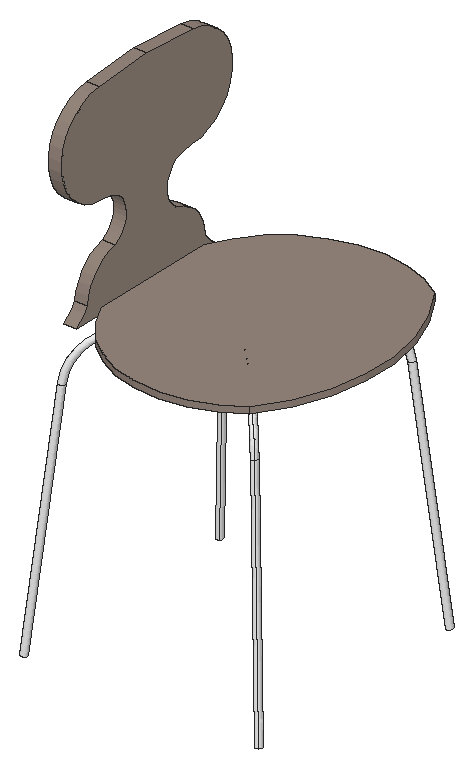
Revit family "Chair 2", category Furniture, Revit 2024
Family settings
  Work Plane-Based = No
  Enable Cutting in Views = No
  Always vertical = Yes
  Cut with Voids When Loaded = No
  Render Appearance Source = Family Geometry
  Shared = No
  Room Calculation Point = No
Parameters
  __Temp [instance] = 0 mm
  Keynote = "12600"
  Manufacturer = ""
  Default Elevation = 0 mm
  Bracket Material = Herman Miller - Finish 47 Trivalent Chrome
  Model = ""
  Cushion/Chair Back Material = Herman Miller - Veneer Z5 Maple
  BG_DIM_Width2 [instance] = 0 mm
  BG_DIM_Depth1 [instance] = 0 mm
Reference planes
  plane 1 "Center F/B": y = -198.997
  plane 2: z = 0
  plane 3 "Center L/R": x = -1.022
Forms (mm)
  Sweep 1, solid, material "Herman Miller - Finish 47 Trivalent Chrome" <- "Bracket Material"
    path origin (61.052, -65.204, 45) x (0, 0, -1) y (0.707107, -0.707107, 0)
      loop
        line (45, -82.843) -> (-332.364, -36.508)
        arc (-332.364, -36.508) -> (-382.531, -10.114) -> (-402.615, 42.895) r 80
        line (-402.615, 42.895) -> (-402.615, 181.322)
    profile origin (18.855, -23.007, 188.682) x (-0.701836, 0.701836, 0.121869) y (-0.707107, -0.707107, 0)
      loop
        circle (0, 0) r 5
  Sweep 2, solid, material "Herman Miller - Finish 47 Trivalent Chrome" <- "Bracket Material"
    path origin (57.516, -325.168, 45) x (0, 0, -1) y (0.707107, 0.707107, 0)
      loop
        line (45, -82.843) -> (-332.364, -36.508)
        arc (-332.364, -36.508) -> (-382.531, -10.114) -> (-402.615, 42.895) r 80
        line (-402.615, 42.895) -> (-402.615, 181.322)
    profile origin (15.319, -367.364, 188.682) x (-0.701836, -0.701836, 0.121869) y (0.707107, -0.707107, 0)
      loop
        circle (0, 0) r 5
  Sweep 3, solid, material "Herman Miller - Finish 47 Trivalent Chrome" <- "Bracket Material"
    path origin (303.338, -65.204, 45) x (0, 0, -1) y (0.707107, 0.707107, 0)
      loop
        line (45, 82.843) -> (-332.364, 36.508)
        arc (-332.364, 36.508) -> (-382.531, 10.114) -> (-402.615, -42.895) r 80
        line (-402.615, -42.895) -> (-402.615, -181.322)
    profile origin (345.535, -23.007, 188.682) x (0.701836, 0.701836, 0.121869) y (-0.707107, 0.707107, 0)
      loop
        circle (0, 0) r 5
  Sweep 4, solid, material "Herman Miller - Finish 47 Trivalent Chrome" <- "Bracket Material"
    path origin (306.873, -325.168, 45) x (0, 0, -1) y (0.707107, -0.707107, 0)
      loop
        line (45, 82.843) -> (-332.364, 36.508)
        arc (-332.364, 36.508) -> (-382.531, 10.114) -> (-402.615, -42.895) r 80
        line (-402.615, -42.895) -> (-402.615, -181.322)
    profile origin (349.07, -367.364, 188.682) x (0.701836, -0.701836, 0.121869) y (0.707107, 0.707107, 0)
      loop
        circle (0, 0) r 5
  Extrusion 5, solid, material "Herman Miller - Veneer Z5 Maple" <- "Cushion/Chair Back Material"
    sketch origin (0, 0, 0) x (1, 0, 0) y (0, 1, 0)
      loop
        arc (340, -9.099) -> (152.776, 17.913) -> (32.728, -128.274) r 192.616
        line (32.728, -128.274) -> (32.728, -249.923)
        arc (32.728, -249.923) -> (152.776, -396.11) -> (340, -369.099) r 192.616
        arc (340, -369.099) -> (400.673, -189.099) -> (340, -9.099) r 297.34
    from 450 to 460
  Extrusion 6, solid, material "Herman Miller - Veneer Z5 Maple" <- "Cushion/Chair Back Material"
    sketch origin (390, -409.099, -27.081) x (0, 0, -1) y (0, 1, 0)
      loop
        arc (-498.809, 95.839) -> (-486.21, 86.065) -> (-477.081, 72.99) r 53.087
        line (-477.081, 72.99) -> (-477.081, 347.212)
        arc (-477.081, 347.212) -> (-486.21, 334.138) -> (-498.809, 324.364) r 53.087
        arc (-498.809, 324.364) -> (-539.073, 308.301) -> (-561.143, 270.989) r 67.175
        arc (-561.143, 270.989) -> (-601.737, 249.17) -> (-634.197, 281.887) r 38.521
        line (-634.197, 281.887) -> (-636.604, 298.938)
        arc (-636.604, 298.938) -> (-714.694, 376.726) -> (-796.127, 302.444) r 79.872
        line (-796.127, 302.444) -> (-802.584, 210.101) -> (-796.127, 117.759)
        arc (-796.127, 117.759) -> (-714.694, 43.477) -> (-636.604, 121.265) r 79.872
        line (-636.604, 121.265) -> (-634.197, 138.316)
        arc (-634.197, 138.316) -> (-601.737, 171.033) -> (-561.143, 149.213) r 38.521
        arc (-561.143, 149.213) -> (-539.073, 111.901) -> (-498.809, 95.839) r 67.175
    from -367.272 to -347.272
Dimensions and locks
  aligned and locked: plane 1 "Center F/B" to Extrusion 6
